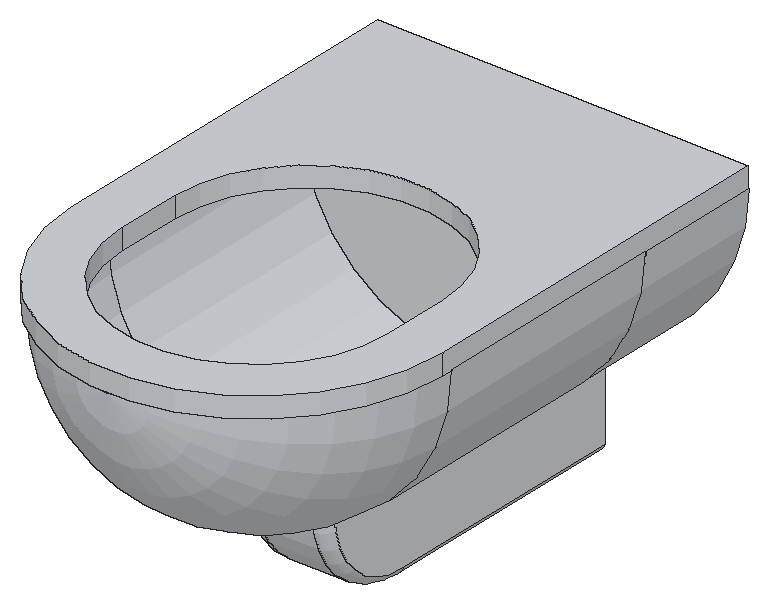
Revit family
Parameters (values of type "550 x 360mm")
  Material = none
  Manufacturer = "Revit"
  Assembly Code = ""
Reference planes
  plane 1 "Center (Front/Back)": y = 0
  plane 2: z = 0
  plane 3 "Center (Left/Right)": x = 0
  plane 4: y = -244.9
Forms (mm)
  Extrusion 1, solid, material <- "Material"
    sketch origin (0, 0, 307.334) x (1, 0, 0) y (0, 1, 0)
      loop
        line (-179.9, 0) -> (-179.9, -370.216)
        arc (-179.9, -370.216) -> (0.005, -550.122) -> (179.91, -370.216) r 179.905
        line (179.91, -370.216) -> (179.91, 0) -> (-179.9, 0)
      loop
        line (-130, -308.309) -> (-130, -372.093)
        arc (-130, -372.093) -> (0, -502.093) -> (130, -372.093) r 130
        line (130, -372.093) -> (130, -308.309)
        arc (130, -308.309) -> (0, -178.309) -> (-130, -308.309) r 130
    from -20 to 0
  Blend 2, solid, material <- "Material"
    base sketch origin (0, -124.9, 287.334) x (0, 0, -1) y (-1, 0, 0)
      loop
        line (0, 180) -> (0, -180)
        arc (0, -180) -> (180, 0) -> (0, 180) r 180
    top sketch origin (0, -124.9, 287.334) x (0, 0, -1) y (-1, 0, 0)
      loop
        line (0, 179.9) -> (0, -180)
        arc (0, -180) -> (179.95, -0.05) -> (0, 179.9) r 179.95
    from 0 to 124.9
  Extrusion 3, solid, material <- "Material"
    sketch origin (0, 0, 307.334) x (0, 1, 0) y (0, 0, 1)
      loop
        arc (0, -158.01) -> (-167.212, -190.758) -> (-337.566, -187.334) r 799.626
        line (-337.566, -187.334) -> (-337.566, -207.334)
        arc (-337.566, -207.334) -> (-310.425, -272.859) -> (-244.9, -300) r 92.666
        line (-244.9, -300) -> (0, -300) -> (0, -158.01)
    from -41.163 to 41.173
  Sweep 4, void
    path origin (41.173, 0, 149.324) x (0, 0, 1) y (0, -1, 0)
      loop
        line (-29.324, 337.566) -> (-49.324, 337.566)
        arc (-49.324, 337.566) -> (-114.849, 310.425) -> (-141.99, 244.9) r 92.666
        line (-141.99, 244.9) -> (-141.99, 0)
    profile origin (0, -122.45, 0) x (0, 0, 1) y (1, 0, 0)
      loop
        line (26.442, 42.532) -> (26.442, 53.837) -> (-3.558, 53.837) -> (-3.558, -51.163) -> (26.442, -51.163) -> (26.442, -43.084) -> (22.334, -43.084)
        arc (22.334, -43.084) -> (11.727, -38.69) -> (7.334, -28.084) r 15
        line (7.334, -28.084) -> (7.334, 27.532)
        arc (7.334, 27.532) -> (11.727, 38.139) -> (22.334, 42.532) r 15
        line (22.334, 42.532) -> (26.442, 42.532)
  Revolve 5, solid, material <- "Material"
    sketch origin (-135.875, 0, 287.334) x (0, -1, 0) y (1, 0, 0)
      loop
        line (124.9, -18.028) -> (124.9, -44.025) -> (359.287, -44.025)
        arc (359.287, -44.025) -> (490.375, 8.047) -> (550, 135.875) r 191.038
        line (550, 135.875) -> (523.953, 135.875)
        arc (523.953, 135.875) -> (472.275, 26.71) -> (360.086, -18.028) r 165.042
        line (360.086, -18.028) -> (124.9, -18.028)
      axis (550, 135.875) -> (124.9, 135.875)
    angle from 0 to 180
Cuts and joins
  Sweep 4 cuts Extrusion 1
  Sweep 4 cuts Blend 2
  Sweep 4 cuts Extrusion 3
Lines and regions (mm)
  symbolic lines
    curve 1: line (-179.9, 0, 0) -> (-179.9, -359.287, 0)
    curve 2: arc (-179.9, -359.287, 0) -> (-4.657, -549.944, 0) -> (179.91, -368.299, 0) r 180.067
    curve 3: line (179.91, -368.299, 0) -> (179.91, 0, 0)
    curve 4: line (179.91, 0, 0) -> (-179.9, 0, 0)
    curve 9: line (130.63, -372.093, 0) -> (-130.877, -308.309, 0)
    curve 10: line (-130.877, -308.309, 0) -> (130.63, -372.093, 0)
  symbolic lines, detail levels medium+fine
    curve 5: arc (-87.431, -129.902, 0) -> (-81.102, -136.231, 0) -> (-74.773, -129.902, 0) r 6.329
    curve 6: arc (-74.773, -129.902, 0) -> (-81.102, -123.573, 0) -> (-87.431, -129.902, 0) r 6.329
    curve 7: arc (75.37, -129.902, 0) -> (81.699, -136.231, 0) -> (88.028, -129.902, 0) r 6.329
    curve 8: arc (88.028, -129.902, 0) -> (81.699, -123.573, 0) -> (75.37, -129.902, 0) r 6.329
    curve 11: line (47.129, -320.624, 0) -> (-47.196, -320.624, 0)
    curve 12: line (-47.196, -320.624, 0) -> (47.129, -320.624, 0)
